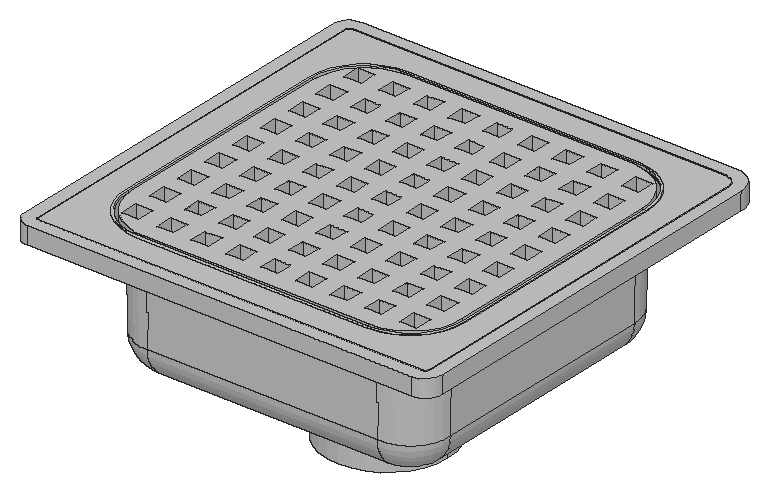
Revit family "Receptor_Sani-Flor_12_In_Square_4_In_Sump-Zurn-Z1749", category Plumbing Fixtures, Revit 2022 (continued)
Types in the file's own list only (12): name | Type Comments | Thickness | Connector Radius | Model | Main Material | A_ Pipe Size (Nominal) | A_ Pipe Size (Actual-Outer) | A_ Pipe Size (Actual-Inner) | E_ Body Length | Default Elevation | Approx. Weight (Lbs)
  ZM1749-2NH | "ZM1749 Sani-Flor Receptor 2 Inch No-Hub Outlet" | 0.063 " | 1.000 " | "ZM1749-2NH" | Steel - Zurn - Stainless - Type 316 | 2.000 " | 2.375 " | 2.067 " | 6.063 " | 4.000 " | 15.000 "
  ZM1749-4NH | "ZM1749 Sani-Flor Receptor 4 Inch No-Hub Outlet" | 0.063 " | 2.000 " | "ZM1749-4NH" | Steel - Zurn - Stainless - Type 316 | 4.000 " | 4.500 " | 4.026 " | 6.063 " | 4.000 " | 15.000 "
  ZM1749-2NL | "ZM1749 Sani-Flor Receptor 2 Inch Neo-Loc Outlet" | 0.063 " | 1.000 " | "ZM1749-2NL" | Steel - Zurn - Stainless - Type 316 | 2.000 " | 2.375 " | 2.067 " | 5.813 " | 4.000 " | 15.000 "
  ZM1749-3NL | "ZM1749 Sani-Flor Receptor 3 Inch Neo-Loc Outlet" | 0.063 " | 1.500 " | "ZM1749-3NL" | Steel - Zurn - Stainless - Type 316 | 3.000 " | 3.500 " | 3.068 " | 5.813 " | 4.000 " | 15.000 "
  ZM1749-4NL | "ZM1749 Sani-Flor Receptor 4 Inch Neo-Loc Outlet" | 0.063 " | 2.000 " | "ZM1749-4NL" | Steel - Zurn - Stainless - Type 316 | 4.000 " | 4.500 " | 4.026 " | 5.813 " | 4.000 " | 15.000 "
